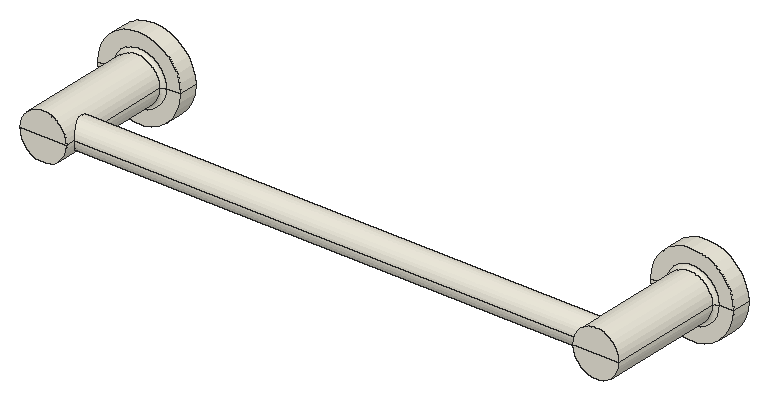
Revit family "Reece_Accessory_Sussex_Scala_Guest Towel Rail", category Plumbing Fixtures, Revit 2018
Family settings
  Round Connector Dimension = Use Diameter
  Part Type = Normal
  Work Plane-Based = Yes
  Always vertical = Yes
  Cut with Voids When Loaded = Yes
  Shared = Yes
  Room Calculation Point = Yes
Parameters (values of type "PVD Brushed Platinum Gold")
  URL = "https://www.reece.com.au/product/-2268341"
  Type Comments = "Accessory\r\n"
  Reece_Product_Web Page = "https://www.reece.com.au/product/-2268341"
  Reece_Product_Type = "Accessory\r\n"  # constant formula
  Reece_Product_Sub Brand = "Scala"  # constant formula
  Reece_Product_Number = "2268341"
  Reece_Product_Mount = "Wall Mounted"
  Reece_Product_Description = "Sussex Scala Guest Towel Rail 300mm LUX PVD Brushed Platinum Gold"
  Reece_Product_Brand = "Sussex"  # constant formula
  Reece_Overall_Width = 345 mm  # constant formula
  Reece_Overall_Projection = 75 mm  # constant formula
  Reece_Overall_Diameter = 45 mm  # constant formula
  Reece_Material_Main = Reece_PVD_Brushed_Platinum Gold
  Reece_Height_From_Level [instance] = 800 mm
  Reece_Fixing_Point_Width = 300 mm  # constant formula
  Reece_Detail_Installation = "Guest Towel Rail"  # constant formula
  Reece_Detail_Disclaimer = "THIS FILE IS THE PROPERTY OF THE REECE GROUP. IT MAY NOT BE REPRODUCED, REVERSE-ENGINEERED OR MODIFIED. ANY REPUBLICATION, TRANSMISSION OR DISTRIBUTION FOR THE PURPOSE OF COMMERCIALLY EXPLOITING THE FILES IS PROHIBITED."  # constant formula
  Model = "Scala"
  Manufacturer = "Sussex"
  Keynote = "Product #2268341, Reece_Accessory_Sussex_Scala_Guest Towel Rail - PVD Brushed Platinum Gold"
  Disclaimer = "THIS FILE IS THE PROPERTY OF THE REECE GROUP. IT MAY NOT BE REPRODUCED, REVERSE-ENGINEERED OR MODIFIED. ANY REPUBLICATION, TRANSMISSION OR DISTRIBUTION FOR THE PURPOSE OF COMMERCIALLY EXPLOITING THE FILES IS PROHIBITED."  # constant formula
  Description = "Scala Guest Towel Rail 300mm LUX PVD Brushed Platinum Gold"
  Default Elevation = 0 mm
Types (5, lengths in mm): name | URL | Reece_Product_Web Page | Reece_Product_Number | Reece_Product_Description | Reece_Material_Main | Keynote | Description
  Brushed Nickel | "https://www.reece.com.au/product/-2263259" | "https://www.reece.com.au/product/-2263259" | "2263259" | "Sussex Scala Guest Towel Rail 300mm Brushed Nickel" | Reece_Brass_Brushed Nickel | "Product #2263259, Reece_Accessory_Sussex_Scala_Guest Towel Rail - Brushed Nickel" | "Scala Guest Towel Rail 300mm Brushed Nickel"
  Chrome | "https://www.reece.com.au/product/-2261474" | "https://www.reece.com.au/product/-2261474" | "2261474" | "Sussex Scala Guest Towel Rail 300mm Chrome" | Reece_Brass_Chrome | "Product #2261474, Reece_Accessory_Sussex_Scala_Guest Towel Rail - Chrome" | "Scala Guest Towel Rail 300mm Chrome"
  PVD Brushed Platinum Gold | "https://www.reece.com.au/product/-2268341" | "https://www.reece.com.au/product/-2268341" | "2268341" | "Sussex Scala Guest Towel Rail 300mm LUX PVD Brushed Platinum Gold" | Reece_PVD_Brushed_Platinum Gold | "Product #2268341, Reece_Accessory_Sussex_Scala_Guest Towel Rail - PVD Brushed Platinum Gold" | "Scala Guest Towel Rail 300mm LUX PVD Brushed Platinum Gold"
  Matte Black | "https://www.reece.com.au/product/-2264098" | "https://www.reece.com.au/product/-2264098" | "2264098" | "Sussex Scala Guest Towel Rail 300mm Matte Black" | Reece_Brass_Matte Black | "Product #2264098, Reece_Accessory_Sussex_Scala_Guest Towel Rail - Matte Black" | "Scala Guest Towel Rail 300mm Matte Black"
  Satin Chrome | "https://www.reece.com.au/product/-2262508" | "https://www.reece.com.au/product/-2262508" | "2262508" | "Sussex Scala Guest Towel Rail 300mm Satin Chrome" | Reece_Brass_Satin Chrome | "Product #2262508, Reece_Accessory_Sussex_Scala_Guest Towel Rail - Satin Chrome" | "Scala Guest Towel Rail 300mm Satin Chrome"
Reference planes
  plane 1 "Center (Front/Back)": y = 0
  plane 2 "Bottom Host Plane": z = 0
  plane 3 "Center (Left/Right)": x = 0
  plane 4: x = -150
  plane 5: x = 150
  plane 6 "Rail Height": z = 800
  plane 7: z = -5
  plane 8: x = -172.5
  plane 9: x = 172.5
  plane 10: y = -75
Forms (mm)
  Revolve 1, solid, material "Reece_PVD_Brushed_Platinum Gold" <- "Reece_Material_Main"
    sketch origin (0, 0, 800) x (1, 0, 0) y (0, -1, 0)
      loop
        line (135.504, 10) -> (127.5, 10) -> (127.5, 0) -> (150, 0) -> (150, 75) -> (137.504, 75) -> (137.504, 12)
        arc (137.504, 12) -> (136.918, 10.586) -> (135.504, 10) r 2
      axis (150, 0) -> (150, 75)
    angle from 0 to 360
  Sweep 2, solid, material "Reece_PVD_Brushed_Platinum Gold" <- "Reece_Material_Main"
    path origin (0, -286.321, 800) x (-1, 0, 0) y (0, -1, 0)
      loop
        line (150, -224.321) -> (-150, -224.321)
    profile origin (0, -62, 800) x (0, 1, 0) y (0, 0, 1)
      loop
        circle (0, 0) r 8
  Revolve 3, solid, material "Reece_PVD_Brushed_Platinum Gold" <- "Reece_Material_Main"
    sketch origin (0, 0, 800) x (-1, 0, 0) y (0, -1, 0)
      loop
        line (135.504, 10) -> (127.5, 10) -> (127.5, 0) -> (150, 0) -> (150, 75) -> (137.504, 75) -> (137.504, 12)
        arc (137.504, 12) -> (136.918, 10.586) -> (135.504, 10) r 2
      axis (150, 0) -> (150, 75)
    angle from 0 to 360
Cuts and joins
  joined: Revolve 1, Sweep 2, Revolve 3
Lines and regions (mm)
  model lines, style "InvisibleLines"
    curve 1: line (0, 0, -5) -> (0, 0, 800)
Text (mm)
  text "Reece ©" at (2629.237, -2222.311, 3165.264), in view "Reece Preview"
  text "Reece Copyright © 2018, Reece Ltd." at (282.535, -211.227, 0), in view "Ref. Level"
Dimensions and locks
  locked: plane 2 "Bottom Host Plane" to level
  locked: plane 7 to plane 2 "Bottom Host Plane" at 5
  locked: Revolve 1 sketch curve to plane 5 at 22.5
  locked: Revolve 1 sketch curve to plane 5 at 12.496
  cut or joined group of Revolve 1, Sweep 2, Revolve 3 to cut or joined group of Revolve 1, Sweep 2, Revolve 3 = 16 mm
  Sweep 2 sketch curve to plane 1 "Center (Front/Back)" = 62 mm
  "Reece_Fixing_Point_Width": plane 5 to plane 4
  "Reece_Overall_Projection": plane 10 to plane 1 "Center (Front/Back)"  (x2)
  "Reece_Overall_Width": plane 9 to plane 8
  "Reece_Height_From_Level": plane 6 "Rail Height" to level
  "Reece_Overall_Diameter": cut or joined group of Revolve 1, Sweep 2, Revolve 3 to plane 9
  aligned and locked: plane 4 to Sweep 2 sketch curve
  aligned and locked: plane 5 to Sweep 2 sketch curve
  aligned and locked: plane 3 "Center (Left/Right)" to curve 1
  aligned and locked: plane 6 "Rail Height" to curve 1
  aligned and locked: plane 7 to curve 1
Automatic sketch dimensions
  plane 1 "Center (Front/Back)" to Revolve 1 sketch curve = 0 mm
  Revolve 1 sketch curve to plane 5 = 0 mm  (x2)
  Revolve 1 sketch curve to Revolve 1 sketch curve = 2 mm
  Revolve 1 sketch curve to Revolve 1 sketch curve = 10 mm
  plane 1 "Center (Front/Back)" to Revolve 1 sketch curve = 34.168 mm
  Revolve 1 sketch curve to Revolve 1 sketch curve = 65.832 mm
  plane 6 "Rail Height" to Sweep 2 sketch curve = 0 mm
  Sweep 2 sketch curve to profile plane = 0 mm
  plane 1 "Center (Front/Back)" to Revolve 3 sketch curve = 0 mm
  Revolve 3 sketch curve to plane 4 = 0 mm  (x2)
  Revolve 3 sketch curve to Revolve 3 sketch curve = 12.496 mm
  Revolve 3 sketch curve to Revolve 3 sketch curve = 2 mm
  Revolve 3 sketch curve to Revolve 3 sketch curve = 10 mm
  Revolve 3 sketch curve to plane 1 "Center (Front/Back)" = 34.168 mm
  Revolve 3 sketch curve to Revolve 3 sketch curve = 65.832 mm
  Revolve 3 sketch curve to Revolve 3 sketch curve = 8.004 mm
  plane 10 to Revolve 3 sketch curve = 0 mm
  Revolve 1 sketch curve to plane 10 = 0 mm
  radius of Sweep 2 sketch curve = 8 mm
